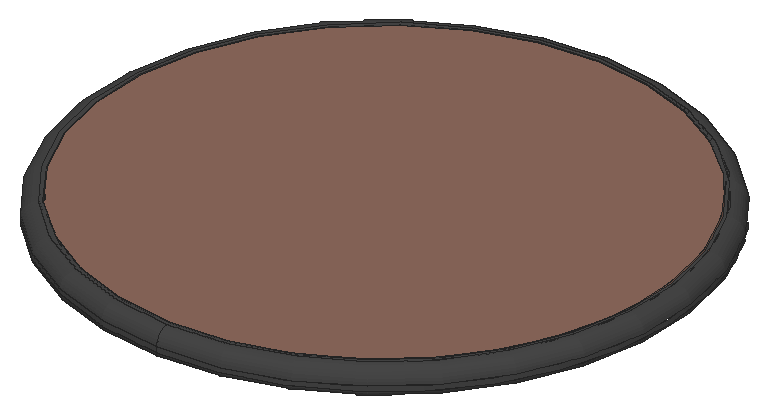
Revit family "Plymold-Essentials-Table_Top-Round+", category Furniture, Revit 2022
Family settings
  OmniClass Number = 23.40.20.00
  OmniClass Title = General Furniture and Specialties
  Work Plane-Based = No
  Always vertical = Yes
  Cut with Voids When Loaded = No
  Render Appearance Source = Family Geometry
  Shared = No
  Room Calculation Point = No
Parameters (values of type "30000DE")
  WEB2 = no
  URL = "https://plymold.com"
  Type Comments = "Table Tops & Bases"  # constant formula
  TPD = no
  TOP MATERIAL = PLY - Wood Mahogany
  TOP EDGE MATERIAL = PLY - Plastic Black
  Sustainability = "https://plymold.com/plymolds-sustainability-efforts/"
  Revit Model Built By = "https://www.servex-us.com/servex-revit/"
  Product Documentation Link = "https://plymold.com/product/dur-a-edge-round-table-top/"
  PVC = no
  Model = "30000DE"
  Manufacturer = "Plymold"  # constant formula
  Keynote = "12500"  # constant formula
  Diameter = 30"
  Description = "Dur-a-Edge Table Top Round Bullnose - 30”Dia"
  Default Elevation = 0"
  DE = yes
  Cost = 0
  Brand = "Dur-A-Edge® Table Top"
  Assembly Code = "E2020200"
  Adjustable Height [instance] = 30"
Types (20): name | WEB2 | TPD | Product Documentation Link | PVC | Model | Diameter | Description | DE | Brand
  60000WEB2 | yes | no | "https://plymold.com/product/solid-beech-wood-table-top-round/" | no | "60000WEB2" | 60" | "Solid Beech Wood Table Top Round - 60”Dia" | no | "Solid Beech Table Top"
  48000WEB2 | yes | no | "https://plymold.com/product/solid-beech-wood-table-top-round/" | no | "48000WEB2" | 48" | "Solid Beech Wood Table Top Round - 48”Dia" | no | "Solid Beech Table Top"
  42000WEB2 | yes | no | "https://plymold.com/product/solid-beech-wood-table-top-round/" | no | "42000WEB2" | 42" | "Solid Beech Wood Table Top Round - 42”Dia" | no | "Solid Beech Table Top"
  36000WEB2 | yes | no | "https://plymold.com/product/solid-beech-wood-table-top-round/" | no | "36000WEB2" | 36" | "Solid Beech Wood Table Top Round - 36”Dia" | no | "Solid Beech Table Top"
  30000WEB2 | yes | no | "https://plymold.com/product/solid-beech-wood-table-top-round/" | no | "30000WEB2" | 30" | "Solid Beech Wood Table Top Round - 30”Dia" | no | "Solid Beech Table Top"
  60000PVC | no | no | "https://plymold.com/product/pvc-table-top-round/" | yes | "60000PVC" | 60" | "PVC Table Top Round - 60”Dia" | no | "PVC Edge Table Top"
  48000PVC | no | no | "https://plymold.com/product/pvc-table-top-round/" | yes | "48000PVC" | 48" | "PVC Table Top Round - 48”Dia" | no | "PVC Edge Table Top"
  42000PVC | no | no | "https://plymold.com/product/pvc-table-top-round/" | yes | "42000PVC" | 42" | "PVC Table Top Round - 42”Dia" | no | "PVC Edge Table Top"
  36000PVC | no | no | "https://plymold.com/product/pvc-table-top-round/" | yes | "36000PVC" | 36" | "PVC Table Top Round - 36”Dia" | no | "PVC Edge Table Top"
  30000PVC | no | no | "https://plymold.com/product/pvc-table-top-round/" | yes | "30000PVC" | 30" | "PVC Table Top Round - 30”Dia" | no | "PVC Edge Table Top"
  60000TPD | no | yes | "https://plymold.com/product/thin-profile-dur-a-edge-round-table-top/" | no | "60000TPD" | 60" | "Thin Profile Dur-a-Edge Table Top Round - 60”Dia" | no | "Dur-A-Edge® Table Top"
  48000TPD | no | yes | "https://plymold.com/product/thin-profile-dur-a-edge-round-table-top/" | no | "48000TPD" | 48" | "Thin Profile Dur-a-Edge Table Top Round - 48”Dia" | no | "Dur-A-Edge® Table Top"
  42000TPD | no | yes | "https://plymold.com/product/thin-profile-dur-a-edge-round-table-top/" | no | "42000TPD" | 42" | "Thin Profile Dur-a-Edge Table Top Round - 42”Dia" | no | "Dur-A-Edge® Table Top"
  36000TPD | no | yes | "https://plymold.com/product/thin-profile-dur-a-edge-round-table-top/" | no | "36000TPD" | 36" | "Thin Profile Dur-a-Edge Table Top Round - 36”Dia" | no | "Dur-A-Edge® Table Top"
  30000TPD | no | yes | "https://plymold.com/product/thin-profile-dur-a-edge-round-table-top/" | no | "30000TPD" | 30" | "Thin Profile Dur-a-Edge Table Top Round - 30”Dia" | no | "Dur-A-Edge® Table Top"
  60000DE | no | no | "https://plymold.com/product/dur-a-edge-round-table-top/" | no | "60000DE" | 60" | "Dur-a-Edge Table Top Round Bullnose - 60”Dia" | yes | "Dur-A-Edge® Table Top"
  48000DE | no | no | "https://plymold.com/product/dur-a-edge-round-table-top/" | no | "48000DE" | 48" | "Dur-a-Edge Table Top Round Bullnose - 48”Dia" | yes | "Dur-A-Edge® Table Top"
  42000DE | no | no | "https://plymold.com/product/dur-a-edge-round-table-top/" | no | "42000DE" | 42" | "Dur-a-Edge Table Top Round Bullnose - 42”Dia" | yes | "Dur-A-Edge® Table Top"
  36000DE | no | no | "https://plymold.com/product/dur-a-edge-round-table-top/" | no | "36000DE" | 36" | "Dur-a-Edge Table Top Round Bullnose - 36”Dia" | yes | "Dur-A-Edge® Table Top"
  30000DE | no | no | "https://plymold.com/product/dur-a-edge-round-table-top/" | no | "30000DE" | 30" | "Dur-a-Edge Table Top Round Bullnose - 30”Dia" | yes | "Dur-A-Edge® Table Top"
Reference planes (in)
  plane 1: z = 0
  plane 2: x = -186.57253
  plane 3: z = 30
  plane 4: y = 64.90131
  plane 5: x = -156.57253
  plane 6 "Center (Front/Back)": y = 49.90131
  plane 7: y = 34.90131
  plane 8 "Center (Left/Right)": x = -171.57253
Dimensions and locks (in)
  "Adjustable Height": plane 3 to plane 1
  equal spacing: plane 7, plane 6 "Center (Front/Back)", plane 4
  "Diameter": plane 7 to plane 4
  "Diameter": plane 2 to plane 5
  equal spacing: plane 2, plane 8 "Center (Left/Right)", plane 5
  aligned and locked: level to plane 1
  aligned and locked: plane 6 "Center (Front/Back)" to nested 1
  aligned and locked: plane 8 "Center (Left/Right)" to nested 1
Nested families (in)
  nested 1: "PLM-Top-Round" at (-171.57253, 49.90131, 30) x (-1, 0, 0) z (0, 0, 1), DE <- "DE", TPD <- "TPD", Edge Finish <- "TOP EDGE MATERIAL", Top Finish <- "TOP MATERIAL", PVC <- "PVC", WEB2 <- "WEB2", built-in parameter 1001360 <- "Adjustable Height", D <- "Diameter", type "PLM-Top-Round"
    with WEB2 no, Top Finish PLY - Wood Mahogany, TPD no, TOP yes, PVC no, H-void 1 3/4", Edge Finish PLY - Plastic Black, Dia Void 28 1/8", DE yes, D 30"
Definition of nested family "PLM-Top-Round"
  Parameters (values of type "PLM-Top-Round")
    WEB2 [instance] = no
    Top Finish [instance] = none
    TPD [instance] = no
    TOP [instance] = and(or(DE, TPD, PVC))  # yes
    Revit Model Built By = "https://servex-us.com/servex-revit/"
    PVC [instance] = no
    Dia Void [instance] = if(and(DE), D - 1 7/8", if(and(TPD), D - 3/8", D))  # 28 1/8"
    H-void [instance] = if(or(DE, TPD, WEB2), 1 3/4", 1/8")  # 1 3/4"
    DE [instance] = yes
    Edge Finish [instance] = none
    Default Elevation = 0"
    D [instance] = 30"
  Reference planes (in)
    plane 1 "Center (Front/Back)": y = 0
    plane 2: z = 0
    plane 3 "Center (Left/Right)": x = 0
    plane 4: x = -15
    plane 5: x = 15
    plane 6: y = 15
    plane 7: y = -15
    plane 8: z = -1.25
    plane 9: z = -1.5
  Forms (in)
    Extrusion 1, solid, material <- "Top Finish", visible <- "TOP"
      sketch origin (0, 0, 0) x (1, 0, 0) y (0, 1, 0)
        loop
          circle (0, 0) r 14.92
      from -1.25 to 0
    Sweep 2, solid, material <- "Top Finish", visible <- "WEB2"
      path origin (0, 0, 0) x (1, 0, 0) y (0, 1, 0)
        loop
          circle (0, 0) r 15
      profile origin (0, 15, 0) x (0, -1, 0) y (0, 0, 1)
        loop
          arc (0.07031, 0) -> (0.02059, -0.02059) -> (0, -0.07031) r 0.07031
          line (0, -0.07031) -> (0, -1.17969)
          arc (0, -1.17969) -> (0.02059, -1.22941) -> (0.07031, -1.25) r 0.07031
          line (0.07031, -1.25) -> (0.25, -1.25) -> (0.25, 0) -> (0.07031, 0)
    Sweep 3, solid, material <- "Edge Finish", visible <- "TPD"
      path origin (0, 0, 0) x (1, 0, 0) y (0, 1, 0)
        loop
          circle (0, 0) r 15
      profile origin (0, 15, 0) x (0, -1, 0) y (0, 0, 1)
        loop
          arc (0.1875, 0) -> (0.05539, -0.05004) -> (0, -0.18) r 0.18015
          line (0, -0.18) -> (0, -1.07)
          arc (0, -1.07) -> (0.05539, -1.19996) -> (0.1875, -1.25) r 0.18015
          line (0.1875, -1.25) -> (0.1875, 0)
    Extrusion 4, void
      sketch origin (0, 25.31884, -1.5) x (0, 1, 0) y (-1, 0, 0)
        loop
          line (-9.81884, 15.5) -> (-40.81884, 15.5) -> (-40.81884, -15.5) -> (-9.81884, -15.5) -> (-9.81884, 15.5)
        loop
          circle (-25.31884, 0) r 14.0625
      from 0 to 1.75
    Sweep 5, solid, material <- "Edge Finish", visible <- "DE"
      path origin (0, 25.31884, -1.5) x (0, 1, 0) y (-1, 0, 0)
        loop
          circle (-25.31884, 0) r 15
      profile origin (-15, 0, -1.5) x (1, 0, 0) y (0, 0, 1)
        loop
          line (0, 0.75) -> (0, 0.5)
          arc (0, 0.5) -> (0.07322, 0.32322) -> (0.25, 0.25) r 0.25
          line (0.25, 0.25) -> (0.94, 0.25) -> (0.94, 1.5) -> (0.75, 1.5)
          arc (0.75, 1.5) -> (0.21967, 1.28033) -> (0, 0.75) r 0.75
    Sweep 6, solid, material <- "Edge Finish", visible <- "PVC"
      path origin (130, 0, 0) x (1, 0, 0) y (0, 1, 0)
        loop
          circle (-130, 0) r 15
      profile origin (0, 15, 0) x (0, -1, 0) y (0, 0, 1)
        loop
          arc (0.08, 0) -> (0.02412, -0.01685) -> (0, -0.07) r 0.07062
          line (0, -0.07) -> (0, -1.18)
          arc (0, -1.18) -> (0.02412, -1.23315) -> (0.08, -1.25) r 0.07063
          line (0.08, -1.25) -> (0.08, 0)
    Extrusion 7, solid, material <- "Top Finish", visible <- "WEB2"
      sketch origin (0, 25.31884, -1.5) x (0, 1, 0) y (-1, 0, 0)
        loop
          circle (-25.31884, 0) r 14.75
      from 0.25 to 1.5
  Cuts and joins
    Extrusion 4 cuts Extrusion 1
    joined: Sweep 2, Extrusion 7
  Lines and regions (in)
    symbolic lines
      curve 1: circle (0, 0, -1.5) r 15 normal (0, 0, 1)
    symbolic lines, visible <- "DE"
      curve 2: arc (0, 14.06, -1.5) -> (-14.06, 0, -1.5) -> (0, -14.06, -1.5) r 14.06
      curve 3: arc (0, -14.06, -1.5) -> (14.06, 0, -1.5) -> (0, 14.06, -1.5) r 14.06
    symbolic lines, visible <- "TPD"
      curve 4: arc (14.8125, 0, -1.5) -> (0, 14.8125, -1.5) -> (-14.8125, 0, -1.5) r 14.8125
      curve 5: arc (-14.8125, 0, -1.5) -> (0, -14.8125, -1.5) -> (14.8125, 0, -1.5) r 14.8125
  Dimensions and locks (in)
    equal spacing: plane 4, plane 3 "Center (Left/Right)", plane 5
    equal spacing: plane 6, plane 1 "Center (Front/Back)", plane 7
    "D": plane 6 to plane 7
    "D": plane 4 to plane 5
    locked: plane 2 to plane 8 at 1.25
    locked: plane 8 to plane 9 at 0.25
    locked: Extrusion 4 sketch curve to plane 4 at 0.5
    locked: plane 7 to Extrusion 4 sketch curve at 0.5
    locked: plane 5 to Extrusion 4 sketch curve at 0.5
    Sweep 5 sketch curve to Sweep 5 sketch curve to Sweep 5 sketch curve to plane 4 = 0.19" locked, 1/2" locked, 1/4" locked
    plane 2 to Sweep 5 sketch curve to Sweep 5 sketch curve = 3/4" locked, 1/4" locked
    locked: profile plane to Sweep 3 sketch curve at 0.18
    locked: Sweep 3 sketch curve to plane 8 at 0.18
    profile plane to Sweep 3 sketch curve to Sweep 3 sketch curve = 0.18015" locked, 0.00735" locked
    profile plane to Sweep 6 sketch curve to Sweep 6 sketch curve = 0.07062" locked, 0.00938" locked
    locked: profile plane to Sweep 6 sketch curve at 0.07
    locked: Sweep 6 sketch curve to plane 8 at 0.07
    "H-void": Extrusion 4 to plane 9
    profile plane to Sweep 2 sketch curve to Sweep 2 sketch curve = 9/128" locked, 23/128" locked
    "D": diameter of Sweep 6 sketch curve
    "D": diameter of Sweep 2 sketch curve
    "D": diameter of Sweep 3 sketch curve
    "D": diameter of Sweep 5 sketch curve
    "Dia Void": diameter of Extrusion 4 sketch curve
    "D": diameter of curve 1
    aligned and locked: plane 2 to level
    aligned and locked: plane 2 to Extrusion 1
    aligned and locked: Extrusion 1 to plane 8
    aligned and locked: Extrusion 4 to plane 9
    aligned and locked: plane 1 "Center (Front/Back)" to Sweep 6 sketch curve
    aligned and locked: plane 3 "Center (Left/Right)" to Sweep 6 sketch curve
    aligned and locked: plane 1 "Center (Front/Back)" to Sweep 2 sketch curve
    aligned and locked: plane 3 "Center (Left/Right)" to Sweep 2 sketch curve
    aligned and locked: plane 1 "Center (Front/Back)" to Sweep 3 sketch curve
    aligned and locked: plane 3 "Center (Left/Right)" to Sweep 3 sketch curve
    aligned and locked: plane 1 "Center (Front/Back)" to Sweep 5 sketch curve
    aligned and locked: plane 3 "Center (Left/Right)" to Sweep 5 sketch curve
    aligned and locked: Sweep 5 sketch curve to plane 4
    aligned and locked: plane 8 to Sweep 5 sketch curve
    aligned and locked: plane 2 to Sweep 5 sketch curve
    aligned and locked: Sweep 3 sketch curve to profile plane
    aligned and locked: profile plane to Sweep 3 sketch curve
    aligned and locked: plane 8 to Sweep 3 sketch curve
    aligned and locked: plane 8 to Sweep 6 sketch curve
    aligned and locked: profile plane to Sweep 6 sketch curve
    aligned and locked: Extrusion 1 sketch curve to Sweep 6  (x2)
    aligned and locked: plane 3 "Center (Left/Right)" to Extrusion 4 sketch curve
    aligned and locked: plane 1 "Center (Front/Back)" to Extrusion 4 sketch curve
    aligned and locked: plane 9 to Extrusion 4
    aligned and locked: curve 2 to Sweep 5
    aligned and locked: curve 3 to Sweep 5
    aligned and locked: curve 4 to Sweep 3
    aligned and locked: curve 5 to Sweep 3
    aligned and locked: Sweep 2 sketch curve to profile plane  (x2)
    aligned and locked: plane 8 to Sweep 2 sketch curve
    aligned and locked: Extrusion 7 sketch curve to Sweep 2  (x2)
    aligned and locked: plane 2 to Extrusion 7
    aligned and locked: Extrusion 7 to plane 8
  Automatic sketch dimensions
    Sweep 2 sketch curve to profile plane = 9/128"
    plane 6 to Extrusion 4 sketch curve = 1/2"
    curve 1 to curve 2 = 0"  (x2)
